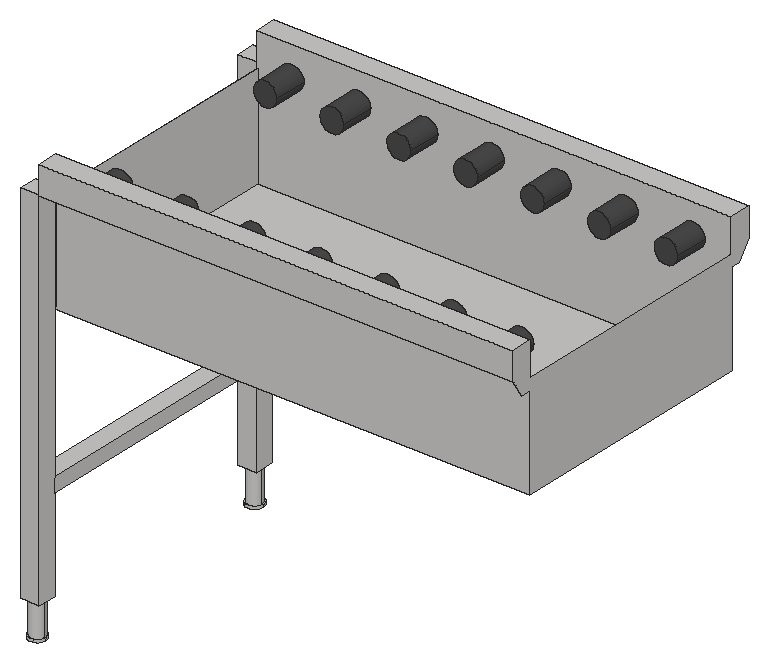
Revit family "QF_ELECTROLUXPROFESSIONAL_863066_HSSRDB10", category Specialty Equipment, Revit 2018
Family settings
  Round Connector Dimension = Use Diameter
  Part Type = Normal
  Work Plane-Based = No
  Always vertical = Yes
  Cut with Voids When Loaded = No
  Shared = No
  Room Calculation Point = No
Parameters
  Weight = 0.00 kg
  Watts = 0 W
  Volts = 0 V
  URL Manufacturer = "http://professional.electrolux.com/"
  URL = "http://professional.electrolux.com/"
  Steam Supply Size = 0 mm
  Steam Supply Minimum Pressure = 0.0 Pa
  Steam Supply Maximum Pressure = 0.0 Pa
  Steam Pounds per Hour = 0
  Refrigeration Suction Line Size = 0 mm
  Refrigeration Liquid Line Size = 0 mm
  Refrigerant Compressor Remote = yes
  Manufacturer = "Electrolux"
  Phase = 0
  Model = "HSSRDB10"
  Length Actual = 1000 mm  # constant formula
  Item Number = "863066"
  Hot Water Size = 0 mm
  Height Actual = 910 mm  # constant formula
  HP = "0 HP"
  Gas Size = 0 mm
  Gas KW = 0
  Gas Input Pressure = 0 W
  Description = "SHORT ROLLER CONVEYOR WITH DEEP BASIN,  L=1000 MM"
  Depth Actual = 620 mm  # constant formula
  Cycle = 0 Hz
  Condensate Return Size = 0 mm
  Compressed Air Volume = 0.0 L/s
  Compressed Air Size = 0 mm
  Compressed Air Pressure = 0.0 Pa
  Cold Water Size = 0 mm
  Accessory = yes
Reference planes
  plane 1 "Centro (Fronte/Retro)": y = 74.737
  plane 2: z = 0
  plane 3 "LEFT": x = -1038.761
  plane 4 "BACK": y = 384.737
  plane 5 "FRONT": y = -235.263
  plane 6: z = 910
  plane 7 "RIGHT": x = -38.761
  plane 8: x = -538.761
Forms (mm)
  Extrusion 1, solid, material "QF_Finishes_Stainless Steel"
    sketch origin (0, 74.737, 0) x (1, 0, 0) y (0, 0, 1)
      loop
        line (-1079.929, 300) -> (-1079.929, 270) -> (-1039.929, 270) -> (-1039.929, 300) -> (-1079.929, 300)
    from -266.504 to 266.46
  Extrusion 2, solid, material "QF_Finishes_Stainless Steel"
    sketch origin (11.239, 0, 0) x (0, 1, 0) y (0, 0, 1)
      loop
        line (-235.263, 910) -> (-235.263, 850.033) -> (-190.242, 850.033) -> (-190.242, 910) -> (-235.263, 910)
      loop
        line (384.737, 910) -> (339.716, 910) -> (339.716, 850.033) -> (384.737, 850.033) -> (384.737, 910)
    from -1048.8 to -51.2
  Extrusion 3, solid, material "QF_Finishes_Stainless Steel"
    sketch origin (11.239, 0, 0) x (0, 1, 0) y (0, 0, 1)
      loop
        line (-191.727, 850.033) -> (-191.727, 618.033) -> (341.245, 618.033) -> (341.245, 850.033) -> (339.716, 850.033) -> (339.716, 621.033) -> (-190.242, 621.033) -> (-190.242, 850.033) -> (-191.727, 850.033)
    from -1048.8 to -51.2
  Extrusion 4, solid, material "QF_Finishes_Stainless Steel"
    sketch origin (1261.239, 723.253, 4000) x (0, 1, 0) y (0, 0, 1)
      loop
        line (-958.516, -3090) -> (-958.516, -3149.967) -> (-934.752, -3185.632) -> (-914.981, -3185.632) -> (-914.981, -3381.967) -> (-382.009, -3381.967) -> (-382.009, -3185.632) -> (-362.281, -3185.632) -> (-338.516, -3149.967) -> (-338.516, -3090) -> (-383.538, -3090) -> (-383.538, -3161.926) -> (-913.495, -3161.926) -> (-913.495, -3090) -> (-958.516, -3090)
    from -1300 to -1301.2
  Revolve 5, solid, material "QF_Finishes_Stainless Steel"
    sketch origin (-538.761, 0, 0) x (0, 1, 0) y (0, 0, 1)
      loop
        line (74.737, 618.033) -> (-1.756, 618.033) -> (-1.756, 601.823) -> (0.354, 601.823)
        arc (0.354, 601.823) -> (3.64, 597.973) -> (0.351, 594.125) r 3.897
        line (0.351, 594.125) -> (-1.756, 594.125) -> (-1.756, 551.31)
        arc (-1.756, 551.31) -> (8.91, 520.632) -> (36.296, 503.17) r 49.497
        line (36.296, 503.17) -> (36.296, 500.684) -> (37.487, 497.398) -> (51.25, 491.407) -> (51.25, 455.535) -> (52.727, 454.059) -> (74.737, 454.059) -> (74.737, 618.033)
      axis (74.737, 454.059) -> (74.737, 618.033)
    angle from 0 to 360
  Extrusion 6, solid, material "QF_Finishes_Stainless Steel"
    sketch origin (-537.561, 723.253, 4000) x (0, 1, 0) y (0, 0, 1)
      loop
        line (-958.516, -3090) -> (-958.516, -3149.967) -> (-914.981, -3149.967) -> (-914.981, -3381.967) -> (-382.009, -3381.967) -> (-382.009, -3149.967) -> (-338.516, -3149.967) -> (-338.516, -3090) -> (-383.538, -3090) -> (-383.538, -3161.926) -> (-913.495, -3161.926) -> (-913.495, -3090) -> (-958.516, -3090)
    from -500 to -501.2
  Extrusion 7, solid, material "QF_Finishes_Black"
    sketch origin (0, 74.737, 0) x (1, 0, 0) y (0, 0, 1)
      loop
        circle (-961.28, 850.115) r 25
      loop
        circle (-820.441, 850.115) r 25
      loop
        circle (-397.921, 850.115) r 25
      loop
        circle (-257.082, 850.115) r 25
      loop
        circle (-116.242, 850.115) r 25
      loop
        circle (-538.761, 850.115) r 25
      loop
        circle (-679.601, 850.115) r 25
    from 190.58 to 260.534
  Extrusion 8, solid, material "QF_Finishes_Black"
    sketch origin (0, 74.737, 0) x (1, 0, 0) y (0, 0, -1)
      loop
        circle (-961.28, -850.115) r 25
      loop
        circle (-820.441, -850.115) r 25
      loop
        circle (-397.921, -850.115) r 25
      loop
        circle (-257.082, -850.115) r 25
      loop
        circle (-116.242, -850.115) r 25
      loop
        circle (-538.761, -850.115) r 25
      loop
        circle (-679.601, -850.115) r 25
    from 190.58 to 260.534
Cuts and joins
  joined: Extrusion 2, Extrusion 3, Extrusion 4, Revolve 5, Extrusion 6
Lines and regions (mm)
  Split face 1
    outline origin (508.239, 339.716, 621.033) x (-1, 0, 0) y (0, -1, 0)
      loop
        circle (1047, 264.904) r 3.016
  Split face 2
    outline origin (508.239, 339.716, 621.033) x (-1, 0, 0) y (0, -1, 0)
      loop
        circle (1047, 264.904) r 52.991
  Split face 3
    outline origin (508.239, 339.716, 621.033) x (-1, 0, 0) y (0, -1, 0)
      loop
        circle (1047, 264.904) r 36.015
  Split face 4
    outline origin (508.239, 339.716, 621.033) x (-1, 0, 0) y (0, -1, 0)
      loop
        circle (1047, 264.904) r 26.027
  Split face 5
    outline origin (508.239, 339.716, 621.033) x (-1, 0, 0) y (0, -1, 0)
      loop
        circle (1047, 264.904) r 9.056
  Masking region 1
    outline origin (0, 0, 0) x (1, 0, 0) y (0, 1, 0)
      loop
        line (-1038.761, 384.737) -> (-1038.761, -235.263) -> (-38.761, -235.263) -> (-38.761, 384.737) -> (-1038.761, 384.737)
  symbolic lines
    curve 1: line (-38.761, 384.737, 0) -> (-1038.761, 384.737, 0)
    curve 2: line (-1038.761, 384.737, 0) -> (-1038.761, -235.263, 0)
    curve 3: line (-1038.761, 339.716, 0) -> (-38.761, 339.716, 0)
    curve 4: line (-1038.761, -235.263, 0) -> (-38.761, -235.263, 0)
    curve 5: line (-38.761, -235.263, 0) -> (-38.761, 384.737, 0)
    curve 6: line (-38.761, -190.242, 0) -> (-1038.761, -190.242, 0)
    curve 7: line (-936.28, -185.797, 0) -> (-986.28, -185.797, 0)
    curve 8: line (-986.28, -185.797, 0) -> (-986.28, -115.842, 0)
    curve 9: line (-986.28, -115.842, 0) -> (-936.28, -115.842, 0)
    curve 10: line (-936.28, -115.842, 0) -> (-936.28, -185.797, 0)
    curve 11: line (-795.441, -185.797, 0) -> (-845.441, -185.797, 0)
    curve 12: line (-845.441, -185.797, 0) -> (-845.441, -115.842, 0)
    curve 13: line (-845.441, -115.842, 0) -> (-795.441, -115.842, 0)
    curve 14: line (-795.441, -115.842, 0) -> (-795.441, -185.797, 0)
    curve 15: line (-654.601, -185.797, 0) -> (-704.601, -185.797, 0)
    curve 16: line (-704.601, -185.797, 0) -> (-704.601, -115.842, 0)
    curve 17: line (-704.601, -115.842, 0) -> (-654.601, -115.842, 0)
    curve 18: line (-654.601, -115.842, 0) -> (-654.601, -185.797, 0)
    curve 19: line (-372.921, -185.797, 0) -> (-422.921, -185.797, 0)
    curve 20: line (-422.921, -185.797, 0) -> (-422.921, -115.842, 0)
    curve 21: line (-422.921, -115.842, 0) -> (-372.921, -115.842, 0)
    curve 22: line (-372.921, -115.842, 0) -> (-372.921, -185.797, 0)
    curve 23: line (-38.761, 74.737, 0) -> (-68.761, 74.737, 0)
    curve 24: line (-1038.761, 74.737, 0) -> (-1008.761, 74.737, 0)
    curve 25: arc (-538.761, 151.231, 0) -> (-462.267, 74.737, 0) -> (-538.761, -1.756, 0) r 76.494
    curve 26: arc (-538.761, -1.756, 0) -> (-615.254, 74.737, 0) -> (-538.761, 151.231, 0) r 76.494
    curve 27: arc (-538.761, 96.747, 0) -> (-560.771, 74.737, 0) -> (-538.761, 52.727, 0) r 22.01
    curve 28: arc (-538.761, 52.727, 0) -> (-516.751, 74.737, 0) -> (-538.761, 96.747, 0) r 22.01
    curve 29: line (-513.761, -185.797, 0) -> (-563.761, -185.797, 0)
    curve 30: line (-563.761, -185.797, 0) -> (-563.761, -115.842, 0)
    curve 31: line (-563.761, -115.842, 0) -> (-513.761, -115.842, 0)
    curve 32: line (-513.761, -115.842, 0) -> (-513.761, -185.797, 0)
    curve 33: line (-232.082, -185.797, 0) -> (-282.082, -185.797, 0)
    curve 34: line (-282.082, -185.797, 0) -> (-282.082, -115.842, 0)
    curve 35: line (-282.082, -115.842, 0) -> (-232.082, -115.842, 0)
    curve 36: line (-232.082, -115.842, 0) -> (-232.082, -185.797, 0)
    curve 37: line (-91.242, -185.797, 0) -> (-141.242, -185.797, 0)
    curve 38: line (-141.242, -185.797, 0) -> (-141.242, -115.842, 0)
    curve 39: line (-141.242, -115.842, 0) -> (-91.242, -115.842, 0)
    curve 40: line (-91.242, -115.842, 0) -> (-91.242, -185.797, 0)
    curve 41: line (-936.28, 335.271, 0) -> (-986.28, 335.271, 0)
    curve 42: line (-986.28, 335.271, 0) -> (-986.28, 265.317, 0)
    curve 43: line (-986.28, 265.317, 0) -> (-936.28, 265.317, 0)
    curve 44: line (-936.28, 265.317, 0) -> (-936.28, 335.271, 0)
    curve 45: line (-795.441, 335.271, 0) -> (-845.441, 335.271, 0)
    curve 46: line (-845.441, 335.271, 0) -> (-845.441, 265.317, 0)
    curve 47: line (-845.441, 265.317, 0) -> (-795.441, 265.317, 0)
    curve 48: line (-795.441, 265.317, 0) -> (-795.441, 335.271, 0)
    curve 49: line (-654.601, 335.271, 0) -> (-704.601, 335.271, 0)
    curve 50: line (-704.601, 335.271, 0) -> (-704.601, 265.317, 0)
    curve 51: line (-704.601, 265.317, 0) -> (-654.601, 265.317, 0)
    curve 52: line (-654.601, 265.317, 0) -> (-654.601, 335.271, 0)
    curve 53: line (-372.921, 335.271, 0) -> (-422.921, 335.271, 0)
    curve 54: line (-422.921, 335.271, 0) -> (-422.921, 265.317, 0)
    curve 55: line (-422.921, 265.317, 0) -> (-372.921, 265.317, 0)
    curve 56: line (-372.921, 265.317, 0) -> (-372.921, 335.271, 0)
    curve 57: line (-513.761, 335.271, 0) -> (-563.761, 335.271, 0)
    curve 58: line (-563.761, 335.271, 0) -> (-563.761, 265.317, 0)
    curve 59: line (-563.761, 265.317, 0) -> (-513.761, 265.317, 0)
    curve 60: line (-513.761, 265.317, 0) -> (-513.761, 335.271, 0)
    curve 61: line (-232.082, 335.271, 0) -> (-282.082, 335.271, 0)
    curve 62: line (-282.082, 335.271, 0) -> (-282.082, 265.317, 0)
    curve 63: line (-282.082, 265.317, 0) -> (-232.082, 265.317, 0)
    curve 64: line (-232.082, 265.317, 0) -> (-232.082, 335.271, 0)
    curve 65: line (-91.242, 335.271, 0) -> (-141.242, 335.271, 0)
    curve 66: line (-141.242, 335.271, 0) -> (-141.242, 265.317, 0)
    curve 67: line (-141.242, 265.317, 0) -> (-91.242, 265.317, 0)
    curve 68: line (-91.242, 265.317, 0) -> (-91.242, 335.271, 0)
Dimensions and locks
  plane 3 "LEFT" to plane 7 "RIGHT" = 1000 mm
  equal spacing: plane 4 "BACK", plane 1 "Centro (Fronte/Retro)", plane 5 "FRONT"
  plane 4 "BACK" to plane 5 "FRONT" = 620 mm
  equal spacing: plane 3 "LEFT", plane 8, plane 7 "RIGHT"
  locked: Extrusion 7 sketch curve to plane 3 "LEFT" at 77.481
  locked: plane 7 "RIGHT" to Extrusion 7 sketch curve at 77.481
  equal spacing: Extrusion 7 sketch curve, Extrusion 7 sketch curve, Extrusion 7 sketch curve, Extrusion 7 sketch curve, Extrusion 7 sketch curve, Extrusion 7 sketch curve, Extrusion 7 sketch curve
  equal spacing: Extrusion 8 sketch curve, Extrusion 8 sketch curve, Extrusion 8 sketch curve, Extrusion 8 sketch curve, Extrusion 8 sketch curve, Extrusion 8 sketch curve, Extrusion 8 sketch curve
  aligned and locked: level to plane 2
  aligned and locked: plane 8 to cut or joined group of Extrusion 2, Extrusion 3, Extrusion 4, Revolve 5, Extrusion 6
Automatic sketch dimensions
  curve 25 to curve 26 = 0 mm  (x2)
  curve 25 to curve 27 = 0 mm  (x2)
  curve 25 to curve 28 = 0 mm  (x2)
  curve 26 to curve 27 = 0 mm  (x2)
  curve 26 to curve 28 = 0 mm  (x2)
  curve 27 to curve 28 = 0 mm  (x2)
  curve 1 to plane 3 "LEFT" = 0 mm
  plane 1 "Centro (Fronte/Retro)" to curve 24 = 0 mm
  plane 1 "Centro (Fronte/Retro)" to curve 27 = 0 mm
  curve 27 to plane 8 = 0 mm
  plane 1 "Centro (Fronte/Retro)" to curve 23 = 0 mm
  curve 6 to plane 7 "RIGHT" = 0 mm
  curve 4 to plane 5 "FRONT" = 0 mm
  curve 2 to plane 4 "BACK" = 0 mm
  plane 3 "LEFT" to curve 42 = 52.481 mm
  plane 3 "LEFT" to curve 9 = 52.481 mm
  curve 8 to curve 9 = 50 mm
  curve 42 to curve 43 = 50 mm
  curve 9 to curve 13 = 90.84 mm
  curve 43 to curve 46 = 90.84 mm
  curve 11 to curve 14 = 50 mm
  curve 45 to curve 45 = 50 mm
  curve 11 to curve 16 = 90.84 mm
  curve 45 to curve 49 = 90.84 mm
  curve 50 to curve 51 = 50 mm
  curve 16 to curve 17 = 50 mm
  plane 8 to curve 57 = 25 mm
  plane 8 to curve 31 = 25 mm
  curve 59 to plane 8 = 25 mm
  curve 32 to plane 8 = 25 mm
  curve 59 to curve 54 = 90.84 mm
  curve 31 to curve 21 = 90.84 mm
  curve 54 to curve 55 = 50 mm
  curve 19 to curve 22 = 50 mm
  curve 19 to curve 33 = 90.84 mm
  curve 53 to curve 61 = 90.84 mm
  curve 33 to curve 33 = 50 mm
  curve 62 to curve 64 = 50 mm
  curve 35 to curve 39 = 90.84 mm
  curve 63 to curve 66 = 90.84 mm
  curve 65 to curve 68 = 50 mm
  curve 37 to curve 37 = 50 mm
  plane 5 "FRONT" to curve 30 = 49.466 mm
  plane 5 "FRONT" to curve 33 = 49.466 mm
  plane 5 "FRONT" to curve 40 = 49.466 mm
  plane 5 "FRONT" to curve 7 = 49.466 mm
  plane 5 "FRONT" to curve 11 = 49.466 mm
  plane 5 "FRONT" to curve 22 = 49.466 mm
  plane 5 "FRONT" to curve 15 = 49.466 mm
  curve 15 to curve 18 = 69.954 mm
  curve 11 to curve 14 = 69.954 mm
  curve 19 to curve 20 = 69.954 mm
  curve 7 to curve 10 = 69.954 mm
  curve 33 to curve 36 = 69.954 mm
  curve 37 to curve 38 = 69.954 mm
  curve 29 to curve 32 = 69.954 mm
  curve 63 to plane 4 "BACK" = 119.42 mm
  curve 63 to curve 66 = 0 mm
  curve 60 to plane 4 "BACK" = 119.42 mm
  curve 42 to plane 4 "BACK" = 119.42 mm
  curve 56 to curve 62 = 0 mm
  curve 43 to curve 46 = 0 mm
  curve 52 to curve 58 = 0 mm
  curve 49 to plane 4 "BACK" = 49.466 mm
  curve 53 to plane 4 "BACK" = 49.466 mm
  curve 48 to plane 4 "BACK" = 49.466 mm
  curve 57 to plane 4 "BACK" = 49.466 mm
  curve 44 to plane 4 "BACK" = 49.466 mm
  curve 61 to plane 4 "BACK" = 49.466 mm
  curve 66 to plane 4 "BACK" = 49.466 mm
  plane 3 "LEFT" to curve 24 = 30 mm
  curve 23 to plane 7 "RIGHT" = 30 mm
  plane 5 "FRONT" to curve 6 = 45.021 mm
  curve 26 to curve 25 = 76.494 mm
  curve 27 to curve 25 = 22.01 mm
  curve 3 to curve 1 = 45.021 mm
  Extrusion 1 sketch curve to plane 3 "LEFT" = 41.168 mm
  Extrusion 1 sketch curve to plane 3 "LEFT" = 1.168 mm
  level to Extrusion 1 sketch curve = 270 mm
  Extrusion 1 sketch curve to Extrusion 1 sketch curve = 30 mm
  Extrusion 2 sketch curve to plane 5 "FRONT" = 0 mm
  Extrusion 2 sketch curve to plane 6 = 0 mm  (x2)
  Extrusion 2 sketch curve to plane 4 "BACK" = 0 mm
  plane 5 "FRONT" to Extrusion 2 sketch curve = 45.021 mm
  Extrusion 2 sketch curve to plane 4 "BACK" = 45.021 mm
  Extrusion 2 sketch curve to Extrusion 2 sketch curve = 59.967 mm  (x2)
  plane 5 "FRONT" to Extrusion 3 sketch curve = 43.536 mm
  Extrusion 3 sketch curve to Extrusion 3 sketch curve = 1.486 mm
  Extrusion 3 sketch curve to plane 4 "BACK" = 45.021 mm
  Extrusion 3 sketch curve to Extrusion 3 sketch curve = 1.529 mm
  Extrusion 3 sketch curve to plane 6 = 291.967 mm
  Extrusion 3 sketch curve to Extrusion 3 sketch curve = 3 mm
  Extrusion 3 sketch curve to plane 6 = 59.967 mm  (x2)
  Extrusion 4 sketch curve to plane 5 "FRONT" = 0 mm
  Extrusion 4 sketch curve to plane 6 = 0 mm  (x2)
  Extrusion 4 sketch curve to plane 4 "BACK" = 0 mm
  plane 5 "FRONT" to Extrusion 4 sketch curve = 23.764 mm
  plane 5 "FRONT" to Extrusion 4 sketch curve = 43.536 mm
  plane 5 "FRONT" to Extrusion 4 sketch curve = 45.021 mm
  Extrusion 4 sketch curve to plane 4 "BACK" = 45.021 mm
  Extrusion 4 sketch curve to plane 4 "BACK" = 43.492 mm
  Extrusion 4 sketch curve to Extrusion 4 sketch curve = 19.728 mm
  Extrusion 4 sketch curve to Extrusion 4 sketch curve = 59.967 mm  (x2)
  Extrusion 4 sketch curve to Extrusion 4 sketch curve = 11.959 mm
  Extrusion 4 sketch curve to Extrusion 4 sketch curve = 23.706 mm  (x2)
  Extrusion 4 sketch curve to Extrusion 4 sketch curve = 196.335 mm
  Revolve 5 sketch curve to plane 1 "Centro (Fronte/Retro)" = 0 mm  (x2)
  plane 1 "Centro (Fronte/Retro)" to Revolve 5 sketch curve = 22.01 mm
  plane 1 "Centro (Fronte/Retro)" to Revolve 5 sketch curve = 23.487 mm
  plane 1 "Centro (Fronte/Retro)" to Revolve 5 sketch curve = 26.996 mm
  Revolve 5 sketch curve to Revolve 5 sketch curve = 13.764 mm
  Revolve 5 sketch curve to Revolve 5 sketch curve = 1.191 mm
  Revolve 5 sketch curve to Revolve 5 sketch curve = 47.387 mm
  Revolve 5 sketch curve to Revolve 5 sketch curve = 0.003 mm
  Revolve 5 sketch curve to Revolve 5 sketch curve = 0.61 mm
  Revolve 5 sketch curve to Revolve 5 sketch curve = 2.107 mm
  Revolve 5 sketch curve to Revolve 5 sketch curve = 2.11 mm
  level to Revolve 5 sketch curve = 454.059 mm
  Revolve 5 sketch curve to Revolve 5 sketch curve = 1.476 mm
  Revolve 5 sketch curve to Revolve 5 sketch curve = 35.872 mm
  Revolve 5 sketch curve to Revolve 5 sketch curve = 5.991 mm
  Revolve 5 sketch curve to Revolve 5 sketch curve = 3.286 mm
  Revolve 5 sketch curve to Revolve 5 sketch curve = 2.486 mm
  Revolve 5 sketch curve to Revolve 5 sketch curve = 48.139 mm
  Revolve 5 sketch curve to Revolve 5 sketch curve = 42.815 mm
  Revolve 5 sketch curve to Revolve 5 sketch curve = 3.849 mm
  Revolve 5 sketch curve to Revolve 5 sketch curve = 66.706 mm
  Revolve 5 sketch curve to Revolve 5 sketch curve = 3 mm
  Revolve 5 sketch curve to Revolve 5 sketch curve = 14.991 mm
  cut or joined group of Extrusion 2, Extrusion 3, Extrusion 4, Revolve 5, Extrusion 6 to Split face 1 sketch curve = 498.8 mm
  cut or joined group of Extrusion 2, Extrusion 3, Extrusion 4, Revolve 5, Extrusion 6 to Split face 1 sketch curve = 264.904 mm
  cut or joined group of Extrusion 2, Extrusion 3, Extrusion 4, Revolve 5, Extrusion 6 to Split face 2 sketch curve = 498.8 mm
  cut or joined group of Extrusion 2, Extrusion 3, Extrusion 4, Revolve 5, Extrusion 6 to Split face 2 sketch curve = 264.904 mm
  cut or joined group of Extrusion 2, Extrusion 3, Extrusion 4, Revolve 5, Extrusion 6 to Split face 3 sketch curve = 498.8 mm
  cut or joined group of Extrusion 2, Extrusion 3, Extrusion 4, Revolve 5, Extrusion 6 to Split face 3 sketch curve = 264.904 mm
  cut or joined group of Extrusion 2, Extrusion 3, Extrusion 4, Revolve 5, Extrusion 6 to Split face 4 sketch curve = 498.8 mm
  cut or joined group of Extrusion 2, Extrusion 3, Extrusion 4, Revolve 5, Extrusion 6 to Split face 4 sketch curve = 264.904 mm
  cut or joined group of Extrusion 2, Extrusion 3, Extrusion 4, Revolve 5, Extrusion 6 to Split face 5 sketch curve = 498.8 mm
  cut or joined group of Extrusion 2, Extrusion 3, Extrusion 4, Revolve 5, Extrusion 6 to Split face 5 sketch curve = 264.904 mm
  Masking region 1 sketch curve to plane 3 "LEFT" = 0 mm
  Masking region 1 sketch curve to plane 5 "FRONT" = 0 mm
  Masking region 1 sketch curve to plane 7 "RIGHT" = 0 mm
  Masking region 1 sketch curve to plane 4 "BACK" = 0 mm
  Extrusion 6 sketch curve to plane 5 "FRONT" = 0 mm
  Extrusion 6 sketch curve to plane 6 = 0 mm  (x2)
  Extrusion 6 sketch curve to plane 4 "BACK" = 0 mm
  plane 5 "FRONT" to Extrusion 6 sketch curve = 43.536 mm
  plane 5 "FRONT" to Extrusion 6 sketch curve = 45.021 mm
  Extrusion 6 sketch curve to plane 4 "BACK" = 45.021 mm
  Extrusion 6 sketch curve to plane 4 "BACK" = 43.492 mm
  Extrusion 6 sketch curve to Extrusion 6 sketch curve = 59.967 mm  (x2)
  Extrusion 6 sketch curve to Extrusion 6 sketch curve = 11.959 mm
  Extrusion 6 sketch curve to Extrusion 6 sketch curve = 220.041 mm
  Extrusion 7 sketch curve to plane 6 = 59.885 mm  (x7)
  plane 3 "LEFT" to Extrusion 8 sketch curve = 77.481 mm
  Extrusion 8 sketch curve to plane 6 = 59.885 mm  (x7)
  Extrusion 8 sketch curve to Extrusion 8 sketch curve = 140.84 mm
  radius of Split face 1 sketch curve = 3.016 mm
  radius of Split face 2 sketch curve = 52.991 mm
  radius of Split face 3 sketch curve = 36.015 mm
  radius of Split face 4 sketch curve = 26.027 mm
  radius of Split face 5 sketch curve = 9.056 mm
  radius of Extrusion 7 sketch curve = 25 mm  (x7)
  radius of Extrusion 8 sketch curve = 25 mm  (x7)
Nested families
  nested 1: "Foot_40x40" at (-1059.929, 361.245, 0), type "Foot_40x40"
    with A 850.033 mm
  nested 2: "Foot_40x40" at (-1059.929, -211.771, 0), type "Foot_40x40"
    with A 850.033 mm
Connectors
  piping at (-538.761, 74.737, 454.059), diameter 30
    settings: on cut or joined group of Extrusion 2, Extrusion 3, Extrusion 4, Revolve 5, Extrusion 6, index 1, connector inside diameter 609.6 mm, connector length 0 mm, flow factor 0, pipe flow 0.0 L/s, pressure drop 0.0 Pa, fitting loss kfactor 0, connector angle 0.00°, fixture units 0, engagement length 0 mm, angle of deflection 0.00°, flow configuration 1, flow direction 2, fitting loss method 0, system type 16, joint type 0, gender type 0, connector reference index -1, connector utility 0, adjustable connector no, is connector primary yes, connector description "Drain"
Definition of nested family "Foot_40x40"
  Parameters
    A [instance] = 850 mm
  Reference planes
    plane 1 "Centro (Fronte/Retro)": y = 0
    plane 2: z = 0
    plane 3 "Centro (Sinistra/Destra)": x = 0
    plane 4: z = 850
  Forms (mm)
    Extrusion 1, solid
      sketch origin (0, 0, 0) x (1, 0, 0) y (0, 1, 0)
        loop
          circle (0, 0) r 18
      from 0 to 5
    Extrusion 2, solid
      sketch origin (0, 0, 5) x (1, 0, 0) y (0, 1, 0)
        loop
          circle (0, 0) r 15
      from 0 to 70
    Extrusion 3, solid
      sketch origin (0, 0, 75) x (1, 0, 0) y (0, 1, 0)
        loop
          line (-20, 20) -> (-20, -20) -> (20, -20) -> (20, 20) -> (-20, 20)
      from 0 to 775
  Dimensions and locks
    "A": plane 4 to plane 2
    aligned and locked: level to plane 2
    aligned and locked: plane 4 to Extrusion 3
    aligned and locked: Extrusion 1 to level
  Automatic sketch dimensions
    plane 1 "Centro (Fronte/Retro)" to Extrusion 1 sketch curve = 0 mm
    Extrusion 1 sketch curve to plane 3 "Centro (Sinistra/Destra)" = 0 mm
    Extrusion 3 sketch curve to Extrusion 3 sketch curve = 40 mm  (x2)
    radius of Extrusion 1 sketch curve = 18 mm
    radius of Extrusion 2 sketch curve to Extrusion 1 = 3 mm
